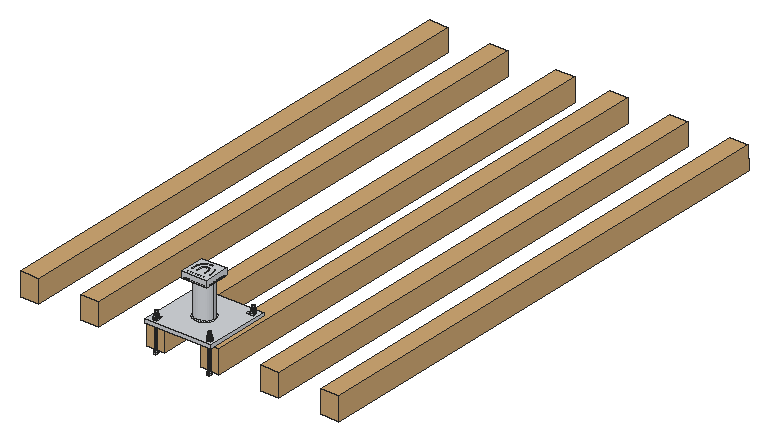
Revit family "Exterior-Building-Maintenance_FMSTBA_Thru-Bolt-Wood_Lynn-Safety", category Generic Models, host Face, Revit 2026 (continued)
Forms (in)
  Sweep 28, solid
    path in 3D
      loop
        arc (2.24703, 0, 0.75) -> (0, 2.24703, 0.75) -> (-2.24703, 0, 0.75) r 2.24703
        arc (-2.24703, 0, 0.75) -> (0, -2.24703, 0.75) -> (2.24703, 0, 0.75) r 2.24703
    profile origin (0, -2.24703, 0.75) x (0, -1, 0) y (0, 0, -1)
      loop
        arc (0, -0.25) -> (0.06789, -0.07961) -> (0.23313, 0) r 0.25276
        line (0.23313, 0) -> (0, 0) -> (0, -0.25)
  Sweep 29, solid
    path in 3D
      loop
        line (3, -3, 9.25) -> (-3, -3, 9.25) -> (-3, 3, 9.25) -> (3, 3, 9.25) -> (3, -3, 9.25)
    profile origin (3, 0, 9.25) x (-1, 0, 0) y (0, 0, -1)
      loop
        line (0.13884, 0.00077) -> (0.7543, 0.00077) -> (0.7543, 0.50077)
        arc (0.7543, 0.50077) -> (0.68587, 0.33535) -> (0.52851, 0.25) r 0.26781
        line (0.52851, 0.25) -> (0.25, 0.25) -> (0.25, 0.125)
        arc (0.25, 0.125) -> (0.21815, 0.04165) -> (0.13884, 0.00077) r 0.125
  Extrusion 30, solid
    sketch origin (0, 0, 0) x (1, 0, 0) y (0, 1, 0)
      loop
        line (-2.2457, 2.2457) -> (-2.2457, -2.2457) -> (2.2457, -2.2457) -> (2.2457, 2.2457) -> (-2.2457, 2.2457)
    from 8.74923 to 9.25
  Extrusion 31, solid, material "Plywood - New(3)"
    sketch origin (0, 0, 0) x (1, 0, 0) y (0, 0, 1)
      loop
        line (-39.19843, -5.99342) -> (-34.70867, -5.99342) -> (-34.70867, -0.5) -> (-39.19843, -0.5) -> (-39.19843, -5.99342)
      loop
        line (-24.71995, -5.99342) -> (-20.2302, -5.99342) -> (-20.2302, -0.5) -> (-24.71995, -0.5) -> (-24.71995, -5.99342)
      loop
        line (-8.74837, -5.99342) -> (-4.25862, -5.99342) -> (-4.25862, -0.5) -> (-8.74837, -0.5) -> (-8.74837, -5.99342)
      loop
        line (4.23691, -5.99342) -> (8.72667, -5.99342) -> (8.72667, -0.5) -> (4.23691, -0.5) -> (4.23691, -5.99342)
      loop
        line (18.71547, -5.99342) -> (23.20523, -5.99342) -> (23.20523, -0.5) -> (18.71547, -0.5) -> (18.71547, -5.99342)
      loop
        line (33.19394, -5.99342) -> (37.6837, -5.99342) -> (37.6837, -0.5) -> (33.19394, -0.5) -> (33.19394, -5.99342)
    from -116.955 to 6.51978
  Extrusion 32, void
    sketch origin (0, 0, 0) x (1, 0, 0) y (0, 1, 0)
      loop
        circle (-6.49805, -6.5) r 0.32921
      loop
        circle (6.49805, -6.5) r 0.32921
    from -5.98984 to -0.44723
Cuts and joins
  Extrusion 18 cuts Extrusion 4
  Extrusion 18, Extrusion 19 cuts Extrusion 1
  Extrusion 18 cuts Extrusion 2
  Extrusion 32 cuts Extrusion 3
  Extrusion 32 cuts Extrusion 5
  Extrusion 32 cuts Extrusion 6
  Extrusion 32 cuts Extrusion 7
  Extrusion 32 cuts Extrusion 12
  Extrusion 32 cuts Extrusion 13
  Extrusion 32 cuts Extrusion 31
Lines and regions (in)
  sketch lines
    curve 1: arc (-2.24703, 0, 0.75) -> (0, -2.24703, 0.75) -> (2.24703, 0, 0.75) r 2.24703
    curve 2: arc (2.24703, 0, 0.75) -> (0, 2.24703, 0.75) -> (-2.24703, 0, 0.75) r 2.24703
    curve 3: line (3, 3, 9.25) -> (3, -3, 9.25)
    curve 4: line (-3, 3, 9.25) -> (3, 3, 9.25)
    curve 5: line (-3, -3, 9.25) -> (-3, 3, 9.25)
    curve 6: line (3, -3, 9.25) -> (-3, -3, 9.25)
Dimensions and locks (in)
  plane 3 "Center (Left/Right)" to plane 4 = 1' - 3"
  cut or joined group of Extrusion 1, Extrusion 18, Extrusion 19 to Extrusion 30 = 0' - 5.2457"
  aligned and locked: plane 2 to host face
  aligned and locked: level to host face
